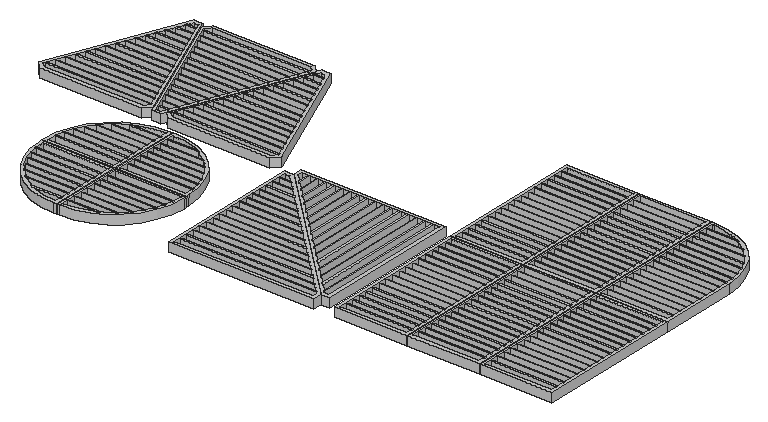
Revit family "CDL-WFD-006_MARTHA'S_RFA", category Modelos genéricos, Revit 2022 (continued)
Forms (in)
  Extrusion 378, solid
    sketch origin (0, 0, 0) x (1, 0, 0) y (0, 1, 0)
      loop
        line (2.00001, 29.3367) -> (2.00001, 28.39182) -> (46, 28.39182) -> (46, 29.3367) -> (2.00001, 29.3367)
      loop
        line (2.00001, 23.86935) -> (2.00001, 22.92446) -> (46, 22.92446) -> (46, 23.86935) -> (2.00001, 23.86935)
      loop
        line (2.00001, 18.40199) -> (2.00001, 17.45711) -> (46, 17.45711) -> (46, 18.40199) -> (2.00001, 18.40199)
      loop
        line (2.00001, 12.93465) -> (2.00001, 11.98977) -> (46, 11.98977) -> (46, 12.93465) -> (2.00001, 12.93465)
      loop
        line (2.00001, 7.4673) -> (2.00001, 6.52242) -> (46, 6.52242) -> (46, 7.4673) -> (2.00001, 7.4673)
    from 1 to 6
  Extrusion 379, solid, not visible
    sketch origin (0, 0, 0) x (1, 0, 0) y (0, 1, 0)
      loop
        line (0, 96) -> (0, 0) -> (48, 0) -> (48, 96) -> (0, 96)
      loop
        line (46, 2) -> (46, 94) -> (2.00001, 94) -> (2.00001, 2) -> (46, 2)
    from 0 to 6
  Extrusion 380, solid, not visible
    sketch origin (0, 0, 0) x (1, 0, 0) y (0, 1, 0)
      loop
        line (2.00001, 89.47753) -> (2.00001, 88.53265) -> (46, 88.53265) -> (46, 89.47753) -> (2.00001, 89.47753)
      loop
        line (2.00001, 84.01018) -> (2.00001, 83.0653) -> (46, 83.0653) -> (46, 84.01018) -> (2.00001, 84.01018)
      loop
        line (2.00001, 78.54284) -> (2.00001, 77.59795) -> (46, 77.59795) -> (46, 78.54284) -> (2.00001, 78.54284)
      loop
        line (2.00001, 73.07548) -> (2.00001, 72.1306) -> (46, 72.1306) -> (46, 73.07548) -> (2.00001, 73.07548)
      loop
        line (2.00001, 67.60813) -> (2.00001, 66.66325) -> (46, 66.66325) -> (46, 67.60813) -> (2.00001, 67.60813)
      loop
        line (2.00001, 62.14079) -> (2.00001, 61.19591) -> (46, 61.19591) -> (46, 62.14079) -> (2.00001, 62.14079)
      loop
        line (2.00001, 56.67344) -> (2.00001, 55.72856) -> (46, 55.72856) -> (46, 56.67344) -> (2.00001, 56.67344)
      loop
        line (2.00001, 51.20609) -> (2.00001, 50.2612) -> (46, 50.2612) -> (46, 51.20609) -> (2.00001, 51.20609)
      loop
        line (2.00001, 45.73874) -> (2.00001, 44.79386) -> (46, 44.79386) -> (46, 45.73874) -> (2.00001, 45.73874)
      loop
        line (2.00001, 40.27139) -> (2.00001, 39.32651) -> (46, 39.32651) -> (46, 40.27139) -> (2.00001, 40.27139)
      loop
        line (2.00001, 34.80404) -> (2.00001, 33.85916) -> (46, 33.85916) -> (46, 34.80404) -> (2.00001, 34.80404)
      loop
        line (2.00001, 29.3367) -> (2.00001, 28.39182) -> (46, 28.39182) -> (46, 29.3367) -> (2.00001, 29.3367)
      loop
        line (2.00001, 23.86935) -> (2.00001, 22.92446) -> (46, 22.92446) -> (46, 23.86935) -> (2.00001, 23.86935)
      loop
        line (2.00001, 18.40199) -> (2.00001, 17.45711) -> (46, 17.45711) -> (46, 18.40199) -> (2.00001, 18.40199)
      loop
        line (2.00001, 12.93465) -> (2.00001, 11.98977) -> (46, 11.98977) -> (46, 12.93465) -> (2.00001, 12.93465)
      loop
        line (2.00001, 7.4673) -> (2.00001, 6.52242) -> (46, 6.52242) -> (46, 7.4673) -> (2.00001, 7.4673)
    from 1 to 6
  Extrusion 381, solid
    sketch origin (48, 0, 0) x (1, 0, 0) y (0, 1, 0)
      loop
        line (0, 96) -> (0, 0) -> (48, 0) -> (48, 96) -> (0, 96)
      loop
        line (46, 2) -> (46, 94) -> (2.00001, 94) -> (2.00001, 2) -> (46, 2)
    from 0 to 6
  Extrusion 382, solid
    sketch origin (48, 0, 0) x (1, 0, 0) y (0, 1, 0)
      loop
        line (2.00001, 89.47753) -> (2.00001, 88.53265) -> (46, 88.53265) -> (46, 89.47753) -> (2.00001, 89.47753)
      loop
        line (2.00001, 84.01018) -> (2.00001, 83.0653) -> (46, 83.0653) -> (46, 84.01018) -> (2.00001, 84.01018)
      loop
        line (2.00001, 78.54284) -> (2.00001, 77.59795) -> (46, 77.59795) -> (46, 78.54284) -> (2.00001, 78.54284)
      loop
        line (2.00001, 73.07548) -> (2.00001, 72.1306) -> (46, 72.1306) -> (46, 73.07548) -> (2.00001, 73.07548)
      loop
        line (2.00001, 67.60813) -> (2.00001, 66.66325) -> (46, 66.66325) -> (46, 67.60813) -> (2.00001, 67.60813)
      loop
        line (2.00001, 62.14079) -> (2.00001, 61.19591) -> (46, 61.19591) -> (46, 62.14079) -> (2.00001, 62.14079)
      loop
        line (2.00001, 56.67344) -> (2.00001, 55.72856) -> (46, 55.72856) -> (46, 56.67344) -> (2.00001, 56.67344)
      loop
        line (2.00001, 51.20609) -> (2.00001, 50.2612) -> (46, 50.2612) -> (46, 51.20609) -> (2.00001, 51.20609)
      loop
        line (2.00001, 45.73874) -> (2.00001, 44.79386) -> (46, 44.79386) -> (46, 45.73874) -> (2.00001, 45.73874)
      loop
        line (2.00001, 40.27139) -> (2.00001, 39.32651) -> (46, 39.32651) -> (46, 40.27139) -> (2.00001, 40.27139)
      loop
        line (2.00001, 34.80404) -> (2.00001, 33.85916) -> (46, 33.85916) -> (46, 34.80404) -> (2.00001, 34.80404)
      loop
        line (2.00001, 29.3367) -> (2.00001, 28.39182) -> (46, 28.39182) -> (46, 29.3367) -> (2.00001, 29.3367)
      loop
        line (2.00001, 23.86935) -> (2.00001, 22.92446) -> (46, 22.92446) -> (46, 23.86935) -> (2.00001, 23.86935)
      loop
        line (2.00001, 18.40199) -> (2.00001, 17.45711) -> (46, 17.45711) -> (46, 18.40199) -> (2.00001, 18.40199)
      loop
        line (2.00001, 12.93465) -> (2.00001, 11.98977) -> (46, 11.98977) -> (46, 12.93465) -> (2.00001, 12.93465)
      loop
        line (2.00001, 7.4673) -> (2.00001, 6.52242) -> (46, 6.52242) -> (46, 7.4673) -> (2.00001, 7.4673)
    from 1 to 6
  Extrusion 383, solid
    sketch origin (96, 0, 0) x (1, 0, 0) y (0, 1, 0)
      loop
        line (0, 96) -> (0, 0) -> (48, 0) -> (48, 96) -> (0, 96)
      loop
        line (46, 2) -> (46, 94) -> (2.00001, 94) -> (2.00001, 2) -> (46, 2)
    from 0 to 6
  Extrusion 384, solid
    sketch origin (96, 0, 0) x (1, 0, 0) y (0, 1, 0)
      loop
        line (2.00001, 89.47753) -> (2.00001, 88.53265) -> (46, 88.53265) -> (46, 89.47753) -> (2.00001, 89.47753)
      loop
        line (2.00001, 84.01018) -> (2.00001, 83.0653) -> (46, 83.0653) -> (46, 84.01018) -> (2.00001, 84.01018)
      loop
        line (2.00001, 78.54284) -> (2.00001, 77.59795) -> (46, 77.59795) -> (46, 78.54284) -> (2.00001, 78.54284)
      loop
        line (2.00001, 73.07548) -> (2.00001, 72.1306) -> (46, 72.1306) -> (46, 73.07548) -> (2.00001, 73.07548)
      loop
        line (2.00001, 67.60813) -> (2.00001, 66.66325) -> (46, 66.66325) -> (46, 67.60813) -> (2.00001, 67.60813)
      loop
        line (2.00001, 62.14079) -> (2.00001, 61.19591) -> (46, 61.19591) -> (46, 62.14079) -> (2.00001, 62.14079)
      loop
        line (2.00001, 56.67344) -> (2.00001, 55.72856) -> (46, 55.72856) -> (46, 56.67344) -> (2.00001, 56.67344)
      loop
        line (2.00001, 51.20609) -> (2.00001, 50.2612) -> (46, 50.2612) -> (46, 51.20609) -> (2.00001, 51.20609)
      loop
        line (2.00001, 45.73874) -> (2.00001, 44.79386) -> (46, 44.79386) -> (46, 45.73874) -> (2.00001, 45.73874)
      loop
        line (2.00001, 40.27139) -> (2.00001, 39.32651) -> (46, 39.32651) -> (46, 40.27139) -> (2.00001, 40.27139)
      loop
        line (2.00001, 34.80404) -> (2.00001, 33.85916) -> (46, 33.85916) -> (46, 34.80404) -> (2.00001, 34.80404)
      loop
        line (2.00001, 29.3367) -> (2.00001, 28.39182) -> (46, 28.39182) -> (46, 29.3367) -> (2.00001, 29.3367)
      loop
        line (2.00001, 23.86935) -> (2.00001, 22.92446) -> (46, 22.92446) -> (46, 23.86935) -> (2.00001, 23.86935)
      loop
        line (2.00001, 18.40199) -> (2.00001, 17.45711) -> (46, 17.45711) -> (46, 18.40199) -> (2.00001, 18.40199)
      loop
        line (2.00001, 12.93465) -> (2.00001, 11.98977) -> (46, 11.98977) -> (46, 12.93465) -> (2.00001, 12.93465)
      loop
        line (2.00001, 7.4673) -> (2.00001, 6.52242) -> (46, 6.52242) -> (46, 7.4673) -> (2.00001, 7.4673)
    from 1 to 6
  Extrusion 385, solid
    sketch origin (0, 96, 0) x (1, 0, 0) y (0, 1, 0)
      loop
        line (0, 96) -> (0, 0) -> (48, 0) -> (48, 96) -> (0, 96)
      loop
        line (46, 2) -> (46, 94) -> (2.00001, 94) -> (2.00001, 2) -> (46, 2)
    from 0 to 6
  Extrusion 386, solid
    sketch origin (0, 96, 0) x (1, 0, 0) y (0, 1, 0)
      loop
        line (2.00001, 89.47753) -> (2.00001, 88.53265) -> (46, 88.53265) -> (46, 89.47753) -> (2.00001, 89.47753)
      loop
        line (2.00001, 84.01018) -> (2.00001, 83.0653) -> (46, 83.0653) -> (46, 84.01018) -> (2.00001, 84.01018)
      loop
        line (2.00001, 78.54284) -> (2.00001, 77.59795) -> (46, 77.59795) -> (46, 78.54284) -> (2.00001, 78.54284)
      loop
        line (2.00001, 73.07548) -> (2.00001, 72.1306) -> (46, 72.1306) -> (46, 73.07548) -> (2.00001, 73.07548)
      loop
        line (2.00001, 67.60813) -> (2.00001, 66.66325) -> (46, 66.66325) -> (46, 67.60813) -> (2.00001, 67.60813)
      loop
        line (2.00001, 62.14079) -> (2.00001, 61.19591) -> (46, 61.19591) -> (46, 62.14079) -> (2.00001, 62.14079)
      loop
        line (2.00001, 56.67344) -> (2.00001, 55.72856) -> (46, 55.72856) -> (46, 56.67344) -> (2.00001, 56.67344)
      loop
        line (2.00001, 51.20609) -> (2.00001, 50.2612) -> (46, 50.2612) -> (46, 51.20609) -> (2.00001, 51.20609)
      loop
        line (2.00001, 45.73874) -> (2.00001, 44.79386) -> (46, 44.79386) -> (46, 45.73874) -> (2.00001, 45.73874)
      loop
        line (2.00001, 40.27139) -> (2.00001, 39.32651) -> (46, 39.32651) -> (46, 40.27139) -> (2.00001, 40.27139)
      loop
        line (2.00001, 34.80404) -> (2.00001, 33.85916) -> (46, 33.85916) -> (46, 34.80404) -> (2.00001, 34.80404)
      loop
        line (2.00001, 29.3367) -> (2.00001, 28.39182) -> (46, 28.39182) -> (46, 29.3367) -> (2.00001, 29.3367)
      loop
        line (2.00001, 23.86935) -> (2.00001, 22.92446) -> (46, 22.92446) -> (46, 23.86935) -> (2.00001, 23.86935)
      loop
        line (2.00001, 18.40199) -> (2.00001, 17.45711) -> (46, 17.45711) -> (46, 18.40199) -> (2.00001, 18.40199)
      loop
        line (2.00001, 12.93465) -> (2.00001, 11.98977) -> (46, 11.98977) -> (46, 12.93465) -> (2.00001, 12.93465)
      loop
        line (2.00001, 7.4673) -> (2.00001, 6.52242) -> (46, 6.52242) -> (46, 7.4673) -> (2.00001, 7.4673)
    from 1 to 6
  Extrusion 387, solid
    sketch origin (48, 96, 0) x (1, 0, 0) y (0, 1, 0)
      loop
        line (0, 96) -> (0, 0) -> (48, 0) -> (48, 96) -> (0, 96)
      loop
        line (46, 2) -> (46, 94) -> (2.00001, 94) -> (2.00001, 2) -> (46, 2)
    from 0 to 6
  Extrusion 388, solid
    sketch origin (48, 96, 0) x (1, 0, 0) y (0, 1, 0)
      loop
        line (2.00001, 89.47753) -> (2.00001, 88.53265) -> (46, 88.53265) -> (46, 89.47753) -> (2.00001, 89.47753)
      loop
        line (2.00001, 84.01018) -> (2.00001, 83.0653) -> (46, 83.0653) -> (46, 84.01018) -> (2.00001, 84.01018)
      loop
        line (2.00001, 78.54284) -> (2.00001, 77.59795) -> (46, 77.59795) -> (46, 78.54284) -> (2.00001, 78.54284)
      loop
        line (2.00001, 73.07548) -> (2.00001, 72.1306) -> (46, 72.1306) -> (46, 73.07548) -> (2.00001, 73.07548)
      loop
        line (2.00001, 67.60813) -> (2.00001, 66.66325) -> (46, 66.66325) -> (46, 67.60813) -> (2.00001, 67.60813)
      loop
        line (2.00001, 62.14079) -> (2.00001, 61.19591) -> (46, 61.19591) -> (46, 62.14079) -> (2.00001, 62.14079)
      loop
        line (2.00001, 56.67344) -> (2.00001, 55.72856) -> (46, 55.72856) -> (46, 56.67344) -> (2.00001, 56.67344)
      loop
        line (2.00001, 51.20609) -> (2.00001, 50.2612) -> (46, 50.2612) -> (46, 51.20609) -> (2.00001, 51.20609)
      loop
        line (2.00001, 45.73874) -> (2.00001, 44.79386) -> (46, 44.79386) -> (46, 45.73874) -> (2.00001, 45.73874)
      loop
        line (2.00001, 40.27139) -> (2.00001, 39.32651) -> (46, 39.32651) -> (46, 40.27139) -> (2.00001, 40.27139)
      loop
        line (2.00001, 34.80404) -> (2.00001, 33.85916) -> (46, 33.85916) -> (46, 34.80404) -> (2.00001, 34.80404)
      loop
        line (2.00001, 29.3367) -> (2.00001, 28.39182) -> (46, 28.39182) -> (46, 29.3367) -> (2.00001, 29.3367)
      loop
        line (2.00001, 23.86935) -> (2.00001, 22.92446) -> (46, 22.92446) -> (46, 23.86935) -> (2.00001, 23.86935)
      loop
        line (2.00001, 18.40199) -> (2.00001, 17.45711) -> (46, 17.45711) -> (46, 18.40199) -> (2.00001, 18.40199)
      loop
        line (2.00001, 12.93465) -> (2.00001, 11.98977) -> (46, 11.98977) -> (46, 12.93465) -> (2.00001, 12.93465)
      loop
        line (2.00001, 7.4673) -> (2.00001, 6.52242) -> (46, 6.52242) -> (46, 7.4673) -> (2.00001, 7.4673)
    from 1 to 6
  Extrusion 389, solid
    sketch origin (96, 96, 0) x (1, 0, 0) y (0, 1, 0)
      loop
        line (0, 96) -> (0, 0) -> (48, 0) -> (48, 51)
        arc (48, 51) -> (34.81981, 82.81981) -> (3, 96) r 45
        line (3, 96) -> (0, 96)
      loop
        line (46, 2) -> (46, 51)
        arc (46, 51) -> (33.40559, 81.40559) -> (3, 94) r 43
        line (3, 94) -> (2.00001, 94) -> (2.00001, 2) -> (46, 2)
    from 0 to 6
  Extrusion 390, solid
    sketch origin (96, 96, 0) x (1, 0, 0) y (0, 1, 0)
      loop
        line (2.00001, 89.47753) -> (2.00001, 88.53265) -> (23.98334, 88.53265)
        arc (23.98334, 88.53265) -> (23.09514, 89.0156) -> (22.19583, 89.47753) r 43
        line (22.19583, 89.47753) -> (2.00001, 89.47753)
      loop
        line (2.00001, 84.01018) -> (2.00001, 83.0653) -> (31.6499, 83.0653)
        arc (31.6499, 83.0653) -> (31.10688, 83.54233) -> (30.55591, 84.01018) r 43
        line (30.55591, 84.01018) -> (2.00001, 84.01018)
      loop
        line (2.00001, 78.54284) -> (2.00001, 77.59795) -> (36.78681, 77.59795)
        arc (36.78681, 77.59795) -> (36.40729, 78.0731) -> (36.02109, 78.54284) r 43
        line (36.02109, 78.54284) -> (2.00001, 78.54284)
      loop
        line (2.00001, 73.07548) -> (2.00001, 72.1306) -> (40.44994, 72.1306)
        arc (40.44994, 72.1306) -> (40.1784, 72.60479) -> (39.90085, 73.07548) r 43
        line (39.90085, 73.07548) -> (2.00001, 73.07548)
      loop
        line (2.00001, 67.60813) -> (2.00001, 66.66325) -> (43.04576, 66.66325)
        arc (43.04576, 66.66325) -> (42.85728, 67.13682) -> (42.66321, 67.60813) r 43
        line (42.66321, 67.60813) -> (2.00001, 67.60813)
      loop
        line (2.00001, 62.14079) -> (2.00001, 61.19591) -> (44.77372, 61.19591)
        arc (44.77372, 61.19591) -> (44.65539, 61.66904) -> (44.53171, 62.14079) r 43
        line (44.53171, 62.14079) -> (2.00001, 62.14079)
      loop
        line (2.00001, 56.67344) -> (2.00001, 55.72856) -> (45.73922, 55.72856)
        arc (45.73922, 55.72856) -> (45.68426, 56.20132) -> (45.62408, 56.67344) r 43
        line (45.62408, 56.67344) -> (2.00001, 56.67344)
      loop
        line (2.00001, 51.20609) -> (2.00001, 50.2612) -> (46, 50.2612) -> (46, 51.20609) -> (2.00001, 51.20609)
      loop
        line (2.00001, 45.73874) -> (2.00001, 44.79386) -> (46, 44.79386) -> (46, 45.73874) -> (2.00001, 45.73874)
      loop
        line (2.00001, 40.27139) -> (2.00001, 39.32651) -> (46, 39.32651) -> (46, 40.27139) -> (2.00001, 40.27139)
      loop
        line (2.00001, 34.80404) -> (2.00001, 33.85916) -> (46, 33.85916) -> (46, 34.80404) -> (2.00001, 34.80404)
      loop
        line (2.00001, 29.3367) -> (2.00001, 28.39182) -> (46, 28.39182) -> (46, 29.3367) -> (2.00001, 29.3367)
      loop
        line (2.00001, 23.86935) -> (2.00001, 22.92446) -> (46, 22.92446) -> (46, 23.86935) -> (2.00001, 23.86935)
      loop
        line (2.00001, 18.40199) -> (2.00001, 17.45711) -> (46, 17.45711) -> (46, 18.40199) -> (2.00001, 18.40199)
      loop
        line (2.00001, 12.93465) -> (2.00001, 11.98977) -> (46, 11.98977) -> (46, 12.93465) -> (2.00001, 12.93465)
      loop
        line (2.00001, 7.4673) -> (2.00001, 6.52242) -> (46, 6.52242) -> (46, 7.4673) -> (2.00001, 7.4673)
    from 1 to 6
  Extrusion 391, solid, not visible
    sketch origin (96, 96, 0) x (1, 0, 0) y (0, 1, 0)
      loop
        line (0, 96) -> (0, 0) -> (48, 0) -> (48, 51)
        arc (48, 51) -> (34.81981, 82.81981) -> (3, 96) r 45
        line (3, 96) -> (0, 96)
      loop
        line (46, 2) -> (46, 51)
        arc (46, 51) -> (33.40559, 81.40559) -> (3, 94) r 43
        line (3, 94) -> (2.00001, 94) -> (2.00001, 2) -> (46, 2)
    from 0 to 6
  Extrusion 392, solid, not visible
    sketch origin (96, 96, 0) x (1, 0, 0) y (0, 1, 0)
      loop
        line (2.00001, 89.47753) -> (2.00001, 88.53265) -> (23.98334, 88.53265)
        arc (23.98334, 88.53265) -> (23.09514, 89.0156) -> (22.19583, 89.47753) r 43
        line (22.19583, 89.47753) -> (2.00001, 89.47753)
      loop
        line (2.00001, 84.01018) -> (2.00001, 83.0653) -> (31.6499, 83.0653)
        arc (31.6499, 83.0653) -> (31.10688, 83.54233) -> (30.55591, 84.01018) r 43
        line (30.55591, 84.01018) -> (2.00001, 84.01018)
      loop
        line (2.00001, 78.54284) -> (2.00001, 77.59795) -> (36.78681, 77.59795)
        arc (36.78681, 77.59795) -> (36.40729, 78.0731) -> (36.02109, 78.54284) r 43
        line (36.02109, 78.54284) -> (2.00001, 78.54284)
      loop
        line (2.00001, 73.07548) -> (2.00001, 72.1306) -> (40.44994, 72.1306)
        arc (40.44994, 72.1306) -> (40.1784, 72.60479) -> (39.90085, 73.07548) r 43
        line (39.90085, 73.07548) -> (2.00001, 73.07548)
      loop
        line (2.00001, 67.60813) -> (2.00001, 66.66325) -> (43.04576, 66.66325)
        arc (43.04576, 66.66325) -> (42.85728, 67.13682) -> (42.66321, 67.60813) r 43
        line (42.66321, 67.60813) -> (2.00001, 67.60813)
      loop
        line (2.00001, 62.14079) -> (2.00001, 61.19591) -> (44.77372, 61.19591)
        arc (44.77372, 61.19591) -> (44.65539, 61.66904) -> (44.53171, 62.14079) r 43
        line (44.53171, 62.14079) -> (2.00001, 62.14079)
      loop
        line (2.00001, 56.67344) -> (2.00001, 55.72856) -> (45.73922, 55.72856)
        arc (45.73922, 55.72856) -> (45.68426, 56.20132) -> (45.62408, 56.67344) r 43
        line (45.62408, 56.67344) -> (2.00001, 56.67344)
      loop
        line (2.00001, 51.20609) -> (2.00001, 50.2612) -> (46, 50.2612) -> (46, 51.20609) -> (2.00001, 51.20609)
      loop
        line (2.00001, 45.73874) -> (2.00001, 44.79386) -> (46, 44.79386) -> (46, 45.73874) -> (2.00001, 45.73874)
      loop
        line (2.00001, 40.27139) -> (2.00001, 39.32651) -> (46, 39.32651) -> (46, 40.27139) -> (2.00001, 40.27139)
      loop
        line (2.00001, 34.80404) -> (2.00001, 33.85916) -> (46, 33.85916) -> (46, 34.80404) -> (2.00001, 34.80404)
      loop
        line (2.00001, 29.3367) -> (2.00001, 28.39182) -> (46, 28.39182) -> (46, 29.3367) -> (2.00001, 29.3367)
      loop
        line (2.00001, 23.86935) -> (2.00001, 22.92446) -> (46, 22.92446) -> (46, 23.86935) -> (2.00001, 23.86935)
      loop
        line (2.00001, 18.40199) -> (2.00001, 17.45711) -> (46, 17.45711) -> (46, 18.40199) -> (2.00001, 18.40199)
      loop
        line (2.00001, 12.93465) -> (2.00001, 11.98977) -> (46, 11.98977) -> (46, 12.93465) -> (2.00001, 12.93465)
      loop
        line (2.00001, 7.4673) -> (2.00001, 6.52242) -> (46, 6.52242) -> (46, 7.4673) -> (2.00001, 7.4673)
    from 1 to 6
  Extrusion 393, solid
    sketch origin (-224.73761, 96.81433, 0) x (1, 0, 0) y (0, 1, 0)
      loop
        line (-9.73761, 95.18567) -> (-13.98025, 90.94303) -> (21, 6.49323) -> (27, 6.49323) -> (61.98025, 90.94303) -> (57.73761, 95.18567) -> (-9.73761, 95.18567)
      loop
        line (25.66518, 8.49323) -> (59.61643, 90.47842) -> (56.90918, 93.18567) -> (-8.90918, 93.18567) -> (-11.62109, 90.47376) -> (22.33636, 8.49323) -> (25.66518, 8.49323)
    from 0 to 6
  Extrusion 394, solid
    sketch origin (-224.73744, 96.92017, 0) x (1, 0, 0) y (0, 1, 0)
      loop
        line (-11.25245, 89.47753) -> (-10.86107, 88.53265) -> (58.85432, 88.53265) -> (59.24561, 89.47753) -> (-11.25245, 89.47753)
      loop
        line (-8.9878, 84.01018) -> (-8.59641, 83.0653) -> (56.59021, 83.0653) -> (56.9815, 84.01018) -> (-8.9878, 84.01018)
      loop
        line (-6.72315, 78.54284) -> (-6.33177, 77.59795) -> (54.3261, 77.59795) -> (54.71739, 78.54284) -> (-6.72315, 78.54284)
      loop
        line (-4.4585, 73.07548) -> (-4.06712, 72.1306) -> (52.06199, 72.1306) -> (52.45328, 73.07548) -> (-4.4585, 73.07548)
      loop
        line (-2.19385, 67.60813) -> (-1.80246, 66.66325) -> (49.79788, 66.66325) -> (50.18917, 67.60813) -> (-2.19385, 67.60813)
      loop
        line (0.0708, 62.14079) -> (0.46218, 61.19591) -> (47.53377, 61.19591) -> (47.92506, 62.14079) -> (0.0708, 62.14079)
      loop
        line (2.33545, 56.67344) -> (2.72683, 55.72856) -> (45.26966, 55.72856) -> (45.66095, 56.67344) -> (2.33545, 56.67344)
      loop
        line (4.6001, 51.20609) -> (4.99148, 50.2612) -> (43.00555, 50.2612) -> (43.39684, 51.20609) -> (4.6001, 51.20609)
      loop
        line (6.86475, 45.73874) -> (7.25613, 44.79386) -> (40.74145, 44.79386) -> (41.13274, 45.73874) -> (6.86475, 45.73874)
      loop
        line (9.1294, 40.27139) -> (9.52078, 39.32651) -> (38.47734, 39.32651) -> (38.86863, 40.27139) -> (9.1294, 40.27139)
      loop
        line (11.39405, 34.80404) -> (11.78543, 33.85916) -> (36.21323, 33.85916) -> (36.60452, 34.80404) -> (11.39405, 34.80404)
      loop
        line (13.6587, 29.3367) -> (14.05008, 28.39182) -> (33.94912, 28.39182) -> (34.34041, 29.3367) -> (13.6587, 29.3367)
      loop
        line (15.92335, 23.86935) -> (16.31473, 22.92446) -> (31.68501, 22.92446) -> (32.0763, 23.86935) -> (15.92335, 23.86935)
      loop
        line (18.188, 18.40199) -> (18.57938, 17.45711) -> (29.4209, 17.45711) -> (29.81219, 18.40199) -> (18.188, 18.40199)
      loop
        line (20.45265, 12.93465) -> (20.84403, 11.98977) -> (27.1568, 11.98977) -> (27.54809, 12.93465) -> (20.45265, 12.93465)
    from 1 to 6
  Extrusion 395, solid, not visible
    sketch origin (-61.779, -6.49323, 0) x (1, 0, 0) y (0, 1, 0)
      loop
        line (-9.73761, 95.18567) -> (-13.98025, 90.94303) -> (21, 6.49323) -> (27, 6.49323) -> (61.98025, 90.94303) -> (57.73761, 95.18567) -> (-9.73761, 95.18567)
      loop
        line (25.66518, 8.49323) -> (59.61643, 90.47842) -> (56.90918, 93.18567) -> (-8.90918, 93.18567) -> (-11.62109, 90.47376) -> (22.33636, 8.49323) -> (25.66518, 8.49323)
    from 0 to 6
  Extrusion 396, solid, not visible
    sketch origin (-61.77882, -6.3874, 0) x (1, 0, 0) y (0, 1, 0)
      loop
        line (-11.25245, 89.47753) -> (-10.86107, 88.53265) -> (58.85432, 88.53265) -> (59.24561, 89.47753) -> (-11.25245, 89.47753)
      loop
        line (-8.9878, 84.01018) -> (-8.59641, 83.0653) -> (56.59021, 83.0653) -> (56.9815, 84.01018) -> (-8.9878, 84.01018)
      loop
        line (-6.72315, 78.54284) -> (-6.33177, 77.59795) -> (54.3261, 77.59795) -> (54.71739, 78.54284) -> (-6.72315, 78.54284)
      loop
        line (-4.4585, 73.07548) -> (-4.06712, 72.1306) -> (52.06199, 72.1306) -> (52.45328, 73.07548) -> (-4.4585, 73.07548)
      loop
        line (-2.19385, 67.60813) -> (-1.80246, 66.66325) -> (49.79788, 66.66325) -> (50.18917, 67.60813) -> (-2.19385, 67.60813)
      loop
        line (0.0708, 62.14079) -> (0.46218, 61.19591) -> (47.53377, 61.19591) -> (47.92506, 62.14079) -> (0.0708, 62.14079)
      loop
        line (2.33545, 56.67344) -> (2.72683, 55.72856) -> (45.26966, 55.72856) -> (45.66095, 56.67344) -> (2.33545, 56.67344)
      loop
        line (4.6001, 51.20609) -> (4.99148, 50.2612) -> (43.00555, 50.2612) -> (43.39684, 51.20609) -> (4.6001, 51.20609)
      loop
        line (6.86475, 45.73874) -> (7.25613, 44.79386) -> (40.74145, 44.79386) -> (41.13274, 45.73874) -> (6.86475, 45.73874)
      loop
        line (9.1294, 40.27139) -> (9.52078, 39.32651) -> (38.47734, 39.32651) -> (38.86863, 40.27139) -> (9.1294, 40.27139)
      loop
        line (11.39405, 34.80404) -> (11.78543, 33.85916) -> (36.21323, 33.85916) -> (36.60452, 34.80404) -> (11.39405, 34.80404)
      loop
        line (13.6587, 29.3367) -> (14.05008, 28.39182) -> (33.94912, 28.39182) -> (34.34041, 29.3367) -> (13.6587, 29.3367)
      loop
        line (15.92335, 23.86935) -> (16.31473, 22.92446) -> (31.68501, 22.92446) -> (32.0763, 23.86935) -> (15.92335, 23.86935)
      loop
        line (18.188, 18.40199) -> (18.57938, 17.45711) -> (29.4209, 17.45711) -> (29.81219, 18.40199) -> (18.188, 18.40199)
      loop
        line (20.45265, 12.93465) -> (20.84403, 11.98977) -> (27.1568, 11.98977) -> (27.54809, 12.93465) -> (20.45265, 12.93465)
    from 1 to 6
  Extrusion 397, solid
    sketch origin (-132.66421, 140.56322, 0) x (-1, 0, 0) y (0, -1, 0)
      loop
        line (-0.19033, 97.31204) -> (-0.19033, 95.31204)
        arc (-0.19033, 95.31204) -> (13.28277, 62.78509) -> (45.80972, 49.31198) r 46.00005
        line (45.80972, 49.31198) -> (47.80972, 49.31198) -> (47.80972, 97.31204) -> (-0.19033, 97.31204)
      loop
        line (45.806, 95.31204) -> (1.80967, 95.31204)
        arc (1.80967, 95.31204) -> (14.69698, 64.1993) -> (45.80972, 51.31198) r 44.00005
        line (45.80972, 51.31198) -> (45.806, 95.31204)
    from 0 to 6
  Extrusion 398, solid
    sketch origin (-132.66438, 140.45739, 0) x (-1, 0, 0) y (0, -1, 0)
      loop
        arc (2.18401, 89.47753) -> (2.24871, 89.00472) -> (2.31853, 88.53265) r 44.00005
        line (2.31853, 88.53265) -> (45.80639, 88.53265) -> (45.80631, 89.47753) -> (2.18401, 89.47753)
      loop
        arc (3.25777, 84.01018) -> (3.38509, 83.53701) -> (3.51767, 83.0653) r 44.00005
        line (3.51767, 83.0653) -> (45.80685, 83.0653) -> (45.80677, 84.01018) -> (3.25777, 84.01018)
      loop
        arc (5.08686, 78.54284) -> (5.28389, 78.06923) -> (5.48642, 77.59795) r 44.00005
        line (5.48642, 77.59795) -> (45.80731, 77.59795) -> (45.80723, 78.54284) -> (5.08686, 78.54284)
      loop
        arc (7.78014, 73.07548) -> (8.06008, 72.60127) -> (8.34594, 72.1306) r 44.00005
        line (8.34594, 72.1306) -> (45.80778, 72.1306) -> (45.8077, 73.07548) -> (7.78014, 73.07548)
      loop
        arc (11.54074, 67.60813) -> (11.9289, 67.13296) -> (12.32366, 66.66325) r 44.00005
        line (12.32366, 66.66325) -> (45.80824, 66.66325) -> (45.80816, 67.60813) -> (11.54074, 67.60813)
      loop
        arc (16.78054, 62.14079) -> (17.33311, 61.66373) -> (17.89352, 61.19591) r 44.00005
        line (17.89352, 61.19591) -> (45.8087, 61.19591) -> (45.80862, 62.14079) -> (16.78054, 62.14079)
      loop
        arc (24.56735, 56.67344) -> (25.46802, 56.19047) -> (26.37967, 55.72856) r 44.00005
        line (26.37967, 55.72856) -> (45.80916, 55.72856) -> (45.80908, 56.67344) -> (24.56735, 56.67344)
    from 1 to 6
  Extrusion 399, solid, not visible
    sketch origin (-122.80997, -183.81441, 0) x (1, 0, 0) y (0, 1, 0)
      loop
        line (95.80978, 183.81441) -> (95.80978, 185.81441)
        arc (95.80978, 185.81441) -> (82.33668, 218.34136) -> (49.80973, 231.81446) r 46.00005
        line (49.80973, 231.81446) -> (47.80972, 231.81446) -> (47.80972, 183.81441) -> (95.80978, 183.81441)
      loop
        line (49.81345, 185.81441) -> (93.80978, 185.81441)
        arc (93.80978, 185.81441) -> (80.92247, 216.92714) -> (49.80973, 229.81446) r 44.00005
        line (49.80973, 229.81446) -> (49.81345, 185.81441)
    from 0 to 6
  Extrusion 400, solid, not visible
    sketch origin (-27.1907, 97.2062, 0) x (-1, 0, 0) y (0, -1, 0)
      loop
        arc (2.18401, 89.47753) -> (2.24871, 89.00472) -> (2.31853, 88.53265) r 44.00005
        line (2.31853, 88.53265) -> (45.80639, 88.53265) -> (45.80631, 89.47753) -> (2.18401, 89.47753)
      loop
        arc (3.25777, 84.01018) -> (3.38509, 83.53701) -> (3.51767, 83.0653) r 44.00005
        line (3.51767, 83.0653) -> (45.80685, 83.0653) -> (45.80677, 84.01018) -> (3.25777, 84.01018)
      loop
        arc (5.08686, 78.54284) -> (5.28389, 78.06923) -> (5.48642, 77.59795) r 44.00005
        line (5.48642, 77.59795) -> (45.80731, 77.59795) -> (45.80723, 78.54284) -> (5.08686, 78.54284)
      loop
        arc (7.78014, 73.07548) -> (8.06008, 72.60127) -> (8.34594, 72.1306) r 44.00005
        line (8.34594, 72.1306) -> (45.80778, 72.1306) -> (45.8077, 73.07548) -> (7.78014, 73.07548)
      loop
        arc (11.54074, 67.60813) -> (11.9289, 67.13296) -> (12.32366, 66.66325) r 44.00005
        line (12.32366, 66.66325) -> (45.80824, 66.66325) -> (45.80816, 67.60813) -> (11.54074, 67.60813)
      loop
        arc (16.78054, 62.14079) -> (17.33311, 61.66373) -> (17.89352, 61.19591) r 44.00005
        line (17.89352, 61.19591) -> (45.8087, 61.19591) -> (45.80862, 62.14079) -> (16.78054, 62.14079)
      loop
        arc (24.56735, 56.67344) -> (25.46802, 56.19047) -> (26.37967, 55.72856) r 44.00005
        line (26.37967, 55.72856) -> (45.80916, 55.72856) -> (45.80908, 56.67344) -> (24.56735, 56.67344)
    from 1 to 6
  Extrusion 401, solid
    sketch origin (-38.00325, 95.91725, 0) x (-1, 0, 0) y (0, -1, 0)
      loop
        line (-24.00325, 95.91725) -> (-24.00325, 89.91725) -> (65.99675, -0.08275) -> (71.99675, -0.08275) -> (71.99675, 95.91725) -> (-24.00325, 95.91725)
      loop
        line (69.99675, 1.91725) -> (69.99675, 93.91725) -> (-22.00325, 93.91725) -> (-22.00325, 90.74545) -> (66.82518, 1.91725) -> (69.99675, 1.91725)
    from 0 to 6
  Extrusion 402, solid
    sketch origin (-38.00342, 96, 0) x (-1, 0, 0) y (0, -1, 0)
      loop
        line (-20.65273, 89.47753) -> (-19.70785, 88.53265) -> (69.99657, 88.53265) -> (69.99657, 89.47753) -> (-20.65273, 89.47753)
      loop
        line (-15.18537, 84.01018) -> (-14.24049, 83.0653) -> (69.99657, 83.0653) -> (69.99657, 84.01018) -> (-15.18537, 84.01018)
      loop
        line (-9.71801, 78.54284) -> (-8.77313, 77.59795) -> (69.99657, 77.59795) -> (69.99657, 78.54284) -> (-9.71801, 78.54284)
      loop
        line (-4.25065, 73.07548) -> (-3.30576, 72.1306) -> (69.99657, 72.1306) -> (69.99657, 73.07548) -> (-4.25065, 73.07548)
      loop
        line (1.21672, 67.60813) -> (2.1616, 66.66325) -> (69.99657, 66.66325) -> (69.99657, 67.60813) -> (1.21672, 67.60813)
      loop
        line (6.68407, 62.14079) -> (7.62896, 61.19591) -> (69.99657, 61.19591) -> (69.99657, 62.14079) -> (6.68407, 62.14079)
      loop
        line (12.15144, 56.67344) -> (13.09632, 55.72856) -> (69.99657, 55.72856) -> (69.99657, 56.67344) -> (12.15144, 56.67344)
      loop
        line (17.6188, 51.20609) -> (18.56369, 50.2612) -> (69.99657, 50.2612) -> (69.99657, 51.20609) -> (17.6188, 51.20609)
      loop
        line (23.08616, 45.73874) -> (24.03104, 44.79386) -> (69.99657, 44.79386) -> (69.99657, 45.73874) -> (23.08616, 45.73874)
      loop
        line (28.55352, 40.27139) -> (29.49841, 39.32651) -> (69.99657, 39.32651) -> (69.99657, 40.27139) -> (28.55352, 40.27139)
      loop
        line (34.02089, 34.80404) -> (34.96577, 33.85916) -> (69.99657, 33.85916) -> (69.99657, 34.80404) -> (34.02089, 34.80404)
      loop
        line (39.48824, 29.3367) -> (40.43313, 28.39182) -> (69.99657, 28.39182) -> (69.99657, 29.3367) -> (39.48824, 29.3367)
      loop
        line (44.95561, 23.86935) -> (45.90049, 22.92446) -> (69.99657, 22.92446) -> (69.99657, 23.86935) -> (44.95561, 23.86935)
      loop
        line (50.42297, 18.40199) -> (51.36786, 17.45711) -> (69.99657, 17.45711) -> (69.99657, 18.40199) -> (50.42297, 18.40199)
      loop
        line (55.89033, 12.93465) -> (56.83521, 11.98977) -> (69.99657, 11.98977) -> (69.99657, 12.93465) -> (55.89033, 12.93465)
      loop
        line (61.35763, 7.46736) -> (62.30252, 6.52248) -> (69.99657, 6.52248) -> (69.99657, 7.46736) -> (61.35763, 7.46736)
    from 1 to 6
  Extrusion 403, solid, not visible
    sketch origin (-29.00325, 95.91725, 0) x (-1, 0, 0) y (0, -1, 0)
      loop
        line (-24.00325, 95.91725) -> (-24.00325, 89.91725) -> (65.99675, -0.08275) -> (71.99675, -0.08275) -> (71.99675, 95.91725) -> (-24.00325, 95.91725)
      loop
        line (69.99675, 1.91725) -> (69.99675, 93.91725) -> (-22.00325, 93.91725) -> (-22.00325, 90.74545) -> (66.82518, 1.91725) -> (69.99675, 1.91725)
    from 0 to 6
  Extrusion 404, solid, not visible
    sketch origin (-29.00342, 96, 0) x (-1, 0, 0) y (0, -1, 0)
      loop
        line (-20.65273, 89.47753) -> (-19.70785, 88.53265) -> (69.99657, 88.53265) -> (69.99657, 89.47753) -> (-20.65273, 89.47753)
      loop
        line (-15.18537, 84.01018) -> (-14.24049, 83.0653) -> (69.99657, 83.0653) -> (69.99657, 84.01018) -> (-15.18537, 84.01018)
      loop
        line (-9.71801, 78.54284) -> (-8.77313, 77.59795) -> (69.99657, 77.59795) -> (69.99657, 78.54284) -> (-9.71801, 78.54284)
      loop
        line (-4.25065, 73.07548) -> (-3.30576, 72.1306) -> (69.99657, 72.1306) -> (69.99657, 73.07548) -> (-4.25065, 73.07548)
      loop
        line (1.21672, 67.60813) -> (2.1616, 66.66325) -> (69.99657, 66.66325) -> (69.99657, 67.60813) -> (1.21672, 67.60813)
      loop
        line (6.68407, 62.14079) -> (7.62896, 61.19591) -> (69.99657, 61.19591) -> (69.99657, 62.14079) -> (6.68407, 62.14079)
      loop
        line (12.15144, 56.67344) -> (13.09632, 55.72856) -> (69.99657, 55.72856) -> (69.99657, 56.67344) -> (12.15144, 56.67344)
      loop
        line (17.6188, 51.20609) -> (18.56369, 50.2612) -> (69.99657, 50.2612) -> (69.99657, 51.20609) -> (17.6188, 51.20609)
      loop
        line (23.08616, 45.73874) -> (24.03104, 44.79386) -> (69.99657, 44.79386) -> (69.99657, 45.73874) -> (23.08616, 45.73874)
      loop
        line (28.55352, 40.27139) -> (29.49841, 39.32651) -> (69.99657, 39.32651) -> (69.99657, 40.27139) -> (28.55352, 40.27139)
      loop
        line (34.02089, 34.80404) -> (34.96577, 33.85916) -> (69.99657, 33.85916) -> (69.99657, 34.80404) -> (34.02089, 34.80404)
      loop
        line (39.48824, 29.3367) -> (40.43313, 28.39182) -> (69.99657, 28.39182) -> (69.99657, 29.3367) -> (39.48824, 29.3367)
      loop
        line (44.95561, 23.86935) -> (45.90049, 22.92446) -> (69.99657, 22.92446) -> (69.99657, 23.86935) -> (44.95561, 23.86935)
      loop
        line (50.42297, 18.40199) -> (51.36786, 17.45711) -> (69.99657, 17.45711) -> (69.99657, 18.40199) -> (50.42297, 18.40199)
      loop
        line (55.89033, 12.93465) -> (56.83521, 11.98977) -> (69.99657, 11.98977) -> (69.99657, 12.93465) -> (55.89033, 12.93465)
      loop
        line (61.35763, 7.46736) -> (62.30252, 6.52248) -> (69.99657, 6.52248) -> (69.99657, 7.46736) -> (61.35763, 7.46736)
    from 1 to 6
  Extrusion 405, solid
    sketch origin (-38.00325, 95.91725, 0) x (-1, 0, 0) y (0, -1, 0)
      loop
        line (-30.00325, 89.91725) -> (-30.00325, -6.08275) -> (65.99675, -6.08275) -> (65.99675, -0.08275) -> (-24.00325, 89.91725) -> (-30.00325, 89.91725)
      loop
        line (63.99675, -4.08275) -> (63.99675, -0.91118) -> (-24.83146, 87.91725) -> (-28.00325, 87.91725) -> (-28.00325, -4.08275) -> (63.99675, -4.08275)
    from 0 to 6
  Extrusion 406, solid
    sketch origin (-38.00342, 96, 0) x (-1, 0, 0) y (0, -1, 0)
      loop
        line (-23.48095, 86.64932) -> (-23.48095, -3.99999) -> (-22.53606, -3.99999) -> (-22.53606, 85.70443) -> (-23.48095, 86.64932)
      loop
        line (-18.01359, 81.18195) -> (-18.01359, -3.99999) -> (-17.06871, -3.99999) -> (-17.06871, 80.23707) -> (-18.01359, 81.18195)
      loop
        line (-12.54625, 75.7146) -> (-12.54625, -3.99999) -> (-11.60137, -3.99999) -> (-11.60137, 74.76971) -> (-12.54625, 75.7146)
      loop
        line (-7.0789, 70.24723) -> (-7.0789, -3.99999) -> (-6.13402, -3.99999) -> (-6.13402, 69.30235) -> (-7.0789, 70.24723)
      loop
        line (-1.61155, 64.77987) -> (-1.61155, -3.99999) -> (-0.66667, -3.99999) -> (-0.66667, 63.83498) -> (-1.61155, 64.77987)
      loop
        line (3.85579, 59.31251) -> (3.85579, -3.99999) -> (4.80067, -3.99999) -> (4.80067, 58.36763) -> (3.85579, 59.31251)
      loop
        line (9.32314, 53.84514) -> (9.32314, -3.99999) -> (10.26803, -3.99999) -> (10.26803, 52.90026) -> (9.32314, 53.84514)
      loop
        line (14.7905, 48.37778) -> (14.7905, -3.99999) -> (15.73538, -3.99999) -> (15.73538, 47.4329) -> (14.7905, 48.37778)
      loop
        line (20.25784, 42.91043) -> (20.25784, -3.99999) -> (21.20272, -3.99999) -> (21.20272, 41.96554) -> (20.25784, 42.91043)
      loop
        line (25.72519, 37.44306) -> (25.72519, -3.99999) -> (26.67007, -3.99999) -> (26.67007, 36.49817) -> (25.72519, 37.44306)
      loop
        line (31.19254, 31.97569) -> (31.19254, -3.99999) -> (32.13742, -3.99999) -> (32.13742, 31.03081) -> (31.19254, 31.97569)
      loop
        line (36.65988, 26.50834) -> (36.65988, -3.99999) -> (37.60476, -3.99999) -> (37.60476, 25.56346) -> (36.65988, 26.50834)
      loop
        line (42.12724, 21.04097) -> (42.12724, -3.99999) -> (43.07212, -3.99999) -> (43.07212, 20.09609) -> (42.12724, 21.04097)
      loop
        line (47.59459, 15.57361) -> (47.59459, -3.99999) -> (48.53947, -3.99999) -> (48.53947, 14.62872) -> (47.59459, 15.57361)
      loop
        line (53.06193, 10.10625) -> (53.06193, -3.99999) -> (54.00681, -3.99999) -> (54.00681, 9.16137) -> (53.06193, 10.10625)
      loop
        line (58.52922, 4.63895) -> (58.52922, -3.99999) -> (59.4741, -3.99999) -> (59.4741, 3.69406) -> (58.52922, 4.63895)
    from 1 to 6
  Extrusion 407, solid
    sketch origin (-267.07589, 85.86037, 0) x (1, 0, 0) y (0, 1, 0)
      loop
        line (-9.73761, 16.48311) -> (57.73761, 16.48311) -> (61.98025, 20.72575) -> (27, 105.17555) -> (21, 105.17555) -> (-13.98025, 20.72575) -> (-9.73761, 16.48311)
      loop
        line (25.66518, 103.17555) -> (22.33636, 103.17555) -> (-11.62109, 21.19502) -> (-8.90918, 18.48311) -> (56.90918, 18.48311) -> (59.61643, 21.19036) -> (25.66518, 103.17555)
    from 0 to 6
  Extrusion 408, solid
    sketch origin (-267.07571, 85.96621, 0) x (1, 0, 0) y (0, 1, 0)
      loop
        line (-11.25245, 21.97958) -> (59.24561, 21.97958) -> (58.85432, 22.92446) -> (-10.86107, 22.92446) -> (-11.25245, 21.97958)
      loop
        line (-8.9878, 27.44693) -> (56.9815, 27.44693) -> (56.59021, 28.39182) -> (-8.59641, 28.39182) -> (-8.9878, 27.44693)
      loop
        line (-6.72315, 32.91427) -> (54.71739, 32.91427) -> (54.3261, 33.85916) -> (-6.33177, 33.85916) -> (-6.72315, 32.91427)
      loop
        line (-4.4585, 38.38163) -> (52.45328, 38.38163) -> (52.06199, 39.32651) -> (-4.06712, 39.32651) -> (-4.4585, 38.38163)
      loop
        line (-2.19385, 43.84898) -> (50.18917, 43.84898) -> (49.79788, 44.79386) -> (-1.80246, 44.79386) -> (-2.19385, 43.84898)
      loop
        line (0.0708, 49.31632) -> (47.92506, 49.31632) -> (47.53377, 50.2612) -> (0.46218, 50.2612) -> (0.0708, 49.31632)
      loop
        line (2.33545, 54.78367) -> (45.66095, 54.78367) -> (45.26966, 55.72856) -> (2.72683, 55.72856) -> (2.33545, 54.78367)
      loop
        line (4.6001, 60.25103) -> (43.39684, 60.25103) -> (43.00555, 61.19591) -> (4.99148, 61.19591) -> (4.6001, 60.25103)
      loop
        line (6.86475, 65.71837) -> (41.13274, 65.71837) -> (40.74145, 66.66325) -> (7.25613, 66.66325) -> (6.86475, 65.71837)
      loop
        line (9.1294, 71.18572) -> (38.86863, 71.18572) -> (38.47734, 72.1306) -> (9.52078, 72.1306) -> (9.1294, 71.18572)
      loop
        line (11.39405, 76.65307) -> (36.60452, 76.65307) -> (36.21323, 77.59795) -> (11.78543, 77.59795) -> (11.39405, 76.65307)
      loop
        line (13.6587, 82.12041) -> (34.34041, 82.12041) -> (33.94912, 83.06529) -> (14.05008, 83.06529) -> (13.6587, 82.12041)
      loop
        line (15.92335, 87.58776) -> (32.0763, 87.58776) -> (31.68501, 88.53265) -> (16.31473, 88.53265) -> (15.92335, 87.58776)
      loop
        line (18.188, 93.05512) -> (29.81219, 93.05512) -> (29.4209, 94) -> (18.57938, 94) -> (18.188, 93.05512)
      loop
        line (20.45265, 98.52246) -> (27.54809, 98.52246) -> (27.1568, 99.46734) -> (20.84403, 99.46734) -> (20.45265, 98.52246)
    from 1 to 6
  Extrusion 409, solid
    sketch origin (-132.66421, 140.56322, 0) x (-1, 0, 0) y (0, -1, 0)
      loop
        line (95.80978, 97.31204) -> (47.80972, 97.31204) -> (47.80972, 49.31198) -> (49.80973, 49.31198)
        arc (49.80973, 49.31198) -> (82.33668, 62.78509) -> (95.80978, 95.31204) r 46.00005
        line (95.80978, 95.31204) -> (95.80978, 97.31204)
      loop
        line (49.81345, 95.31204) -> (49.80973, 51.31198)
        arc (49.80973, 51.31198) -> (80.92247, 64.1993) -> (93.80978, 95.31204) r 44.00005
        line (93.80978, 95.31204) -> (49.81345, 95.31204)
    from 0 to 6
  Extrusion 410, solid
    sketch origin (-132.66438, 140.45739, 0) x (-1, 0, 0) y (0, -1, 0)
      loop
        line (93.43509, 89.47753) -> (49.81279, 89.47753) -> (49.81271, 88.53265) -> (93.30057, 88.53265)
        arc (93.30057, 88.53265) -> (93.37039, 89.00472) -> (93.43509, 89.47753) r 44.00005
      loop
        line (92.36133, 84.01018) -> (49.81233, 84.01018) -> (49.81225, 83.0653) -> (92.10143, 83.0653)
        arc (92.10143, 83.0653) -> (92.23401, 83.53701) -> (92.36133, 84.01018) r 44.00005
      loop
        line (90.53224, 78.54284) -> (49.81187, 78.54284) -> (49.81179, 77.59795) -> (90.13268, 77.59795)
        arc (90.13268, 77.59795) -> (90.33521, 78.06923) -> (90.53224, 78.54284) r 44.00005
      loop
        line (87.83896, 73.07548) -> (49.8114, 73.07548) -> (49.81132, 72.1306) -> (87.27316, 72.1306)
        arc (87.27316, 72.1306) -> (87.55902, 72.60127) -> (87.83896, 73.07548) r 44.00005
      loop
        line (84.07836, 67.60813) -> (49.81094, 67.60813) -> (49.81086, 66.66325) -> (83.29544, 66.66325)
        arc (83.29544, 66.66325) -> (83.6902, 67.13296) -> (84.07836, 67.60813) r 44.00005
      loop
        line (78.83856, 62.14079) -> (49.81048, 62.14079) -> (49.8104, 61.19591) -> (77.72558, 61.19591)
        arc (77.72558, 61.19591) -> (78.28599, 61.66373) -> (78.83856, 62.14079) r 44.00005
      loop
        line (71.05175, 56.67344) -> (49.81002, 56.67344) -> (49.80994, 55.72856) -> (69.23943, 55.72856)
        arc (69.23943, 55.72856) -> (70.15108, 56.19047) -> (71.05175, 56.67344) r 44.00005
    from 1 to 6
  Extrusion 411, solid
    sketch origin (-228.28366, -54.06085, 0) x (1, 0, 0) y (0, 1, 0)
      loop
        line (95.80978, 97.31204) -> (47.80972, 97.31204) -> (47.80972, 49.31198) -> (49.80973, 49.31198)
        arc (49.80973, 49.31198) -> (82.33668, 62.78509) -> (95.80978, 95.31204) r 46.00005
        line (95.80978, 95.31204) -> (95.80978, 97.31204)
      loop
        line (49.81345, 95.31204) -> (49.80973, 51.31198)
        arc (49.80973, 51.31198) -> (80.92247, 64.1993) -> (93.80978, 95.31204) r 44.00005
        line (93.80978, 95.31204) -> (49.81345, 95.31204)
    from 0 to 6
  Extrusion 412, solid
    sketch origin (-132.66438, 140.45739, 0) x (-1, 0, 0) y (0, -1, 0)
      loop
        line (2.18401, 104.93487) -> (45.80631, 104.93487) -> (45.80639, 105.87976) -> (2.31853, 105.87976)
        arc (2.31853, 105.87976) -> (2.24871, 105.40768) -> (2.18401, 104.93487) r 44.00005
      loop
        line (3.25777, 110.40223) -> (45.80677, 110.40223) -> (45.80685, 111.34711) -> (3.51767, 111.34711)
        arc (3.51767, 111.34711) -> (3.38509, 110.87539) -> (3.25777, 110.40223) r 44.00005
      loop
        line (5.08686, 115.86957) -> (45.80723, 115.86957) -> (45.80731, 116.81445) -> (5.48642, 116.81445)
        arc (5.48642, 116.81445) -> (5.28389, 116.34317) -> (5.08686, 115.86957) r 44.00005
      loop
        line (7.78014, 121.33692) -> (45.8077, 121.33692) -> (45.80778, 122.2818) -> (8.34594, 122.2818)
        arc (8.34594, 122.2818) -> (8.06008, 121.81113) -> (7.78014, 121.33692) r 44.00005
      loop
        line (11.54074, 126.80427) -> (45.80816, 126.80427) -> (45.80824, 127.74915) -> (12.32366, 127.74915)
        arc (12.32366, 127.74915) -> (11.9289, 127.27944) -> (11.54074, 126.80427) r 44.00005
      loop
        line (16.78054, 132.27161) -> (45.80862, 132.27161) -> (45.8087, 133.21649) -> (17.89352, 133.21649)
        arc (17.89352, 133.21649) -> (17.33311, 132.74867) -> (16.78054, 132.27161) r 44.00005
      loop
        line (24.56735, 137.73897) -> (45.80908, 137.73897) -> (45.80916, 138.68385) -> (26.37967, 138.68385)
        arc (26.37967, 138.68385) -> (25.46802, 138.22193) -> (24.56735, 137.73897) r 44.00005
    from 1 to 6
  Extrusion 413, solid
    sketch origin (-132.66421, 140.56322, 0) x (-1, 0, 0) y (0, -1, 0)
      loop
        line (95.80978, 97.31204) -> (95.80978, 99.31204)
        arc (95.80978, 99.31204) -> (82.33668, 131.83899) -> (49.80973, 145.31209) r 46.00005
        line (49.80973, 145.31209) -> (47.80972, 145.31209) -> (47.80972, 97.31204) -> (95.80978, 97.31204)
      loop
        line (49.81345, 99.31204) -> (93.80978, 99.31204)
        arc (93.80978, 99.31204) -> (80.92247, 130.42477) -> (49.80973, 143.31209) r 44.00005
        line (49.80973, 143.31209) -> (49.81345, 99.31204)
    from 0 to 6
  Extrusion 414, solid
    sketch origin (-132.66438, 140.45739, 0) x (-1, 0, 0) y (0, -1, 0)
      loop
        arc (93.43509, 104.93487) -> (93.37039, 105.40768) -> (93.30057, 105.87976) r 44.00005
        line (93.30057, 105.87976) -> (49.81271, 105.87976) -> (49.81279, 104.93487) -> (93.43509, 104.93487)
      loop
        arc (92.36133, 110.40223) -> (92.23401, 110.87539) -> (92.10143, 111.34711) r 44.00005
        line (92.10143, 111.34711) -> (49.81225, 111.34711) -> (49.81233, 110.40223) -> (92.36133, 110.40223)
      loop
        arc (90.53224, 115.86957) -> (90.33521, 116.34317) -> (90.13268, 116.81445) r 44.00005
        line (90.13268, 116.81445) -> (49.81179, 116.81445) -> (49.81187, 115.86957) -> (90.53224, 115.86957)
      loop
        arc (87.83896, 121.33692) -> (87.55902, 121.81113) -> (87.27316, 122.2818) r 44.00005
        line (87.27316, 122.2818) -> (49.81132, 122.2818) -> (49.8114, 121.33692) -> (87.83896, 121.33692)
      loop
        arc (84.07836, 126.80427) -> (83.6902, 127.27944) -> (83.29544, 127.74915) r 44.00005
        line (83.29544, 127.74915) -> (49.81086, 127.74915) -> (49.81094, 126.80427) -> (84.07836, 126.80427)
      loop
        arc (78.83856, 132.27161) -> (78.28599, 132.74867) -> (77.72558, 133.21649) r 44.00005
        line (77.72558, 133.21649) -> (49.8104, 133.21649) -> (49.81048, 132.27161) -> (78.83856, 132.27161)
      loop
        arc (71.05175, 137.73897) -> (70.15108, 138.22193) -> (69.23943, 138.68385) r 44.00005
        line (69.23943, 138.68385) -> (49.80994, 138.68385) -> (49.81002, 137.73897) -> (71.05175, 137.73897)
    from 1 to 6
  Extrusion 415, solid
    sketch origin (-182.39933, 85.86037, 0) x (1, 0, 0) y (0, 1, 0)
      loop
        line (-9.73761, 16.48311) -> (57.73761, 16.48311) -> (61.98025, 20.72575) -> (27, 105.17555) -> (21, 105.17555) -> (-13.98025, 20.72575) -> (-9.73761, 16.48311)
      loop
        line (25.66518, 103.17555) -> (22.33636, 103.17555) -> (-11.62109, 21.19502) -> (-8.90918, 18.48311) -> (56.90918, 18.48311) -> (59.61643, 21.19036) -> (25.66518, 103.17555)
    from 0 to 6
  Extrusion 416, solid
    sketch origin (-182.39916, 85.96621, 0) x (1, 0, 0) y (0, 1, 0)
      loop
        line (-11.25245, 21.97958) -> (59.24561, 21.97958) -> (58.85432, 22.92446) -> (-10.86107, 22.92446) -> (-11.25245, 21.97958)
      loop
        line (-8.9878, 27.44693) -> (56.9815, 27.44693) -> (56.59021, 28.39182) -> (-8.59641, 28.39182) -> (-8.9878, 27.44693)
      loop
        line (-6.72315, 32.91427) -> (54.71739, 32.91427) -> (54.3261, 33.85916) -> (-6.33177, 33.85916) -> (-6.72315, 32.91427)
      loop
        line (-4.4585, 38.38163) -> (52.45328, 38.38163) -> (52.06199, 39.32651) -> (-4.06712, 39.32651) -> (-4.4585, 38.38163)
      loop
        line (-2.19385, 43.84898) -> (50.18917, 43.84898) -> (49.79788, 44.79386) -> (-1.80246, 44.79386) -> (-2.19385, 43.84898)
      loop
        line (0.0708, 49.31632) -> (47.92506, 49.31632) -> (47.53377, 50.2612) -> (0.46218, 50.2612) -> (0.0708, 49.31632)
      loop
        line (2.33545, 54.78367) -> (45.66095, 54.78367) -> (45.26966, 55.72856) -> (2.72683, 55.72856) -> (2.33545, 54.78367)
      loop
        line (4.6001, 60.25103) -> (43.39684, 60.25103) -> (43.00555, 61.19591) -> (4.99148, 61.19591) -> (4.6001, 60.25103)
      loop
        line (6.86475, 65.71837) -> (41.13274, 65.71837) -> (40.74145, 66.66325) -> (7.25613, 66.66325) -> (6.86475, 65.71837)
      loop
        line (9.1294, 71.18572) -> (38.86863, 71.18572) -> (38.47734, 72.1306) -> (9.52078, 72.1306) -> (9.1294, 71.18572)
      loop
        line (11.39405, 76.65307) -> (36.60452, 76.65307) -> (36.21323, 77.59795) -> (11.78543, 77.59795) -> (11.39405, 76.65307)
      loop
        line (13.6587, 82.12041) -> (34.34041, 82.12041) -> (33.94912, 83.06529) -> (14.05008, 83.06529) -> (13.6587, 82.12041)
      loop
        line (15.92335, 87.58776) -> (32.0763, 87.58776) -> (31.68501, 88.53265) -> (16.31473, 88.53265) -> (15.92335, 87.58776)
      loop
        line (18.188, 93.05512) -> (29.81219, 93.05512) -> (29.4209, 94) -> (18.57938, 94) -> (18.188, 93.05512)
      loop
        line (20.45265, 98.52246) -> (27.54809, 98.52246) -> (27.1568, 99.46734) -> (20.84403, 99.46734) -> (20.45265, 98.52246)
    from 1 to 6
Dimensions and locks (in)
  aligned and locked: level to plane 2
